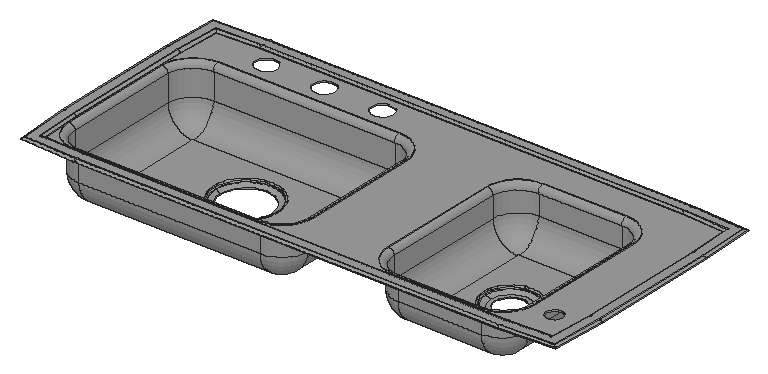
Revit family "equip-sink-clsrm-elkay-dbl-lustrtne-r", category Plumbing Fixtures, Revit 2019
Family settings
  Round Connector Dimension = Use Radius
  Part Type = Normal
  OmniClass Number = 23.45.05.14.14.27
  OmniClass Title = Service Sinks
  Work Plane-Based = Yes
  Always vertical = Yes
  Cut with Voids When Loaded = No
  Shared = No
  Room Calculation Point = No
Parameters (values of type "DRKAD371740R")
  URL = "www.elkayusa.com"
  Specification Sheet URL = "http://www.elkayusa.com/cps/rde/xbcr/elkay/01-22G_DRKR(Q)3717_DRKAD(Q)3717.pdf"
  Sink Width = 1' - 5"
  Sink Material = Metal - Steel - Stainless - Chrome
  Sink Length = 3' - 1 1/4"
  Sink Ledge Sides Width = 0' - 4"
  Sink Ledge Right Width Hidden = if(Sink Ledge Right Width > 0' 1 1/2", Sink Ledge Right Width, 0' 1 1/2")  # 0' - 4 1/2"
  Sink Ledge Right Width = if(Right Faucet   Left Bubbler, 0' 1 1/2", 0' 4 1/2")  # 0' - 4 1/2"
  Sink Ledge Left Width Hidden = if(Sink Ledge Left Width > 0' 1 1/2", Sink Ledge Left Width, 0' 1 1/2")  # 0' - 1 1/2"
  Sink Ledge Left Width = if(Left Faucet   Right Bubbler, 0' 1 1/2", 0' 4 1/2")  # 0' - 1 1/2"
  Sink Ledge Front Width Hidden = if(Sink Ledge Front Width > 0' 1 1/2", Sink Ledge Front Width, 0' 1 1/2")  # 0' - 1 1/2"
  Sink Ledge Front Width = 0' - 1 1/2"
  Sink Ledge Back Width Left Hidden = if(Left Bowl Ledge Back Width > 0' 1 1/2", Left Bowl Ledge Back Width, 0' 1 1/2")  # 0' - 4"
  Sink Ledge Back Width Right Hidden = if(Right Bowl Ledge Back Width > 0' 1 1/2", Right Bowl Ledge Back Width, 0' 1 1/2")  # 0' - 3 1/2"
  Right Bowl Ledge Back Width = 0' - 3 1/2"
  Right Faucet   Left Bubbler = no
  Right Faucet Hole Top = if(Right Faucet   Left Bubbler, 0' 0 1/2", 0' 0 1/8")  # 0' - 0 1/8"
  Right Bowl Depth = 0' - 3 5/8"
  Left Faucet Hole Top = if(Left Faucet   Right Bubbler, 0' 0 1/2", 0' 0 1/8")  # 0' - 0 1/2"
  Left Edge to CL Partition = if(Right Faucet   Left Bubbler, 1' 4 3/4", (0' 1 1/2" + 1' 4" + (Partition Width / 2)))  # 1' - 8 1/2"
  Left Bowl Width = (Sink Width - Sink Ledge Front Width - Left Bowl Ledge Back Width)  # 0' - 11 1/2"
  Left Bowl Drain Location = 0' - 5"
  Left Bowl Depth = 0' - 4"
  Equal Sized Bowl Formula = ((Sink Length - Sink Ledge Left Width - Sink Ledge Right Width - Partition Width) / 2)  # 1' - 0 5/8"
  Sanitary Flow Rate = 10 GPM
  Partition Width = 0' - 6"
  OmniClass Title = "Service Sinks"
  OmniClass Code = "23.45.05.14.14.27"
  Sanitary Nominal Radius = Sanitary Nominal Dia / 2  # 0' - 0 3/4"
  Sanitary Nominal Dia = 0' - 1 1/2"
  Model = "DRKAD3717R"
  Minimum Cabinet Width = ""
  MasterFormat Title = "Commercial Sinks"
  MasterFormat Number = "22.42.16.16"
  Manufacturer = "Elkay Manufacturing"
  Left Faucet   Right Bubbler = not(Right Faucet   Left Bubbler)  # yes
  Installation Sheet URL = ""
  Right Bowl Drain Location = 0' - 6"
  Description = "Lustertone Double Bowl Sink"
  Default Elevation = 3' - 0"
  Deep Specification Sheet URL = ""
  Date Created = "2011-05-05"
  Left Bowl Length = (Sink Length - Right Bowl Length - Sink Ledge Left Width - Partition Width - Sink Ledge Right Width)  # 1' - 4"
  Right Bowl Length = ((Sink Length - Left Edge to CL Partition - Sink Ledge Right Width) - (Partition Width / 2))  # 0' - 9 1/4"
  Right Bowl Width = (Sink Width - Sink Ledge Front Width - Right Bowl Ledge Back Width)  # 1' - 0"
  Left Bowl Ledge Back Width = 0' - 4"
  Assembly Code = "D2010410"
Types (2): name | Left Bowl Drain Location | Left Bowl Depth | Model | Default Elevation | Date Created
  DRKR3717R | 0' - 5 3/4" | 0' - 7 5/8" | "DRKR3717R" | 4' - 0" | "2011-04-23"
  DRKAD371740R | 0' - 5" | 0' - 4" | "DRKAD3717R" | 3' - 0" | "2011-05-05"
Reference planes (in)
  plane 1 "CL Sink Hole": y = -1
  plane 2 "Sink Deck": z = 0
  plane 3 "Center (Left/Right)": x = 0
  plane 4 "Basin Edge Left": x = -17.125
  plane 5 "Basin Edge Right": x = 14.125
  plane 6 "Back Right Bowl Edge": y = 5
  plane 7 "Basin Edge Front": y = -7
  plane 8 "Left": x = -18.625
  plane 9 "Right": x = 18.625
  plane 10 "Back": y = 8.5
  plane 11 "Front": y = -8.5
  plane 12 "Sink Angle Back Corner": y = 8.3125
  plane 13 "Sink Angle Right Corner": x = 18.4375
  plane 14 "Sink Angle Right": x = 14.625
  plane 15 "Sink Angle Back": y = 4.5
  plane 16 "Sink Angle Left": x = -14.625
  plane 17 "Sink Angle Left Corner": x = -18.4375
  plane 18 "Sink Angle Front Corner": y = -8.3125
  plane 19 "Sink Angle Front": y = -4.5
  plane 20 "Edge Opening Right": x = 14.546875
  plane 21 "Edge Opening Left": x = -17.546875
  plane 22 "Sink Bowl Bottom (Top Face)": z = -3.8797681
  plane 23 "Sink Top Piece Bottom Face": z = -0.0625
  plane 24 "Left Sink Bottom Piece Right Edge": x = -2.8125
  plane 25 "Top Radius Corner Prot": z = -0.421875
  plane 26: z = -2.1922681
  plane 27 "Sink Bowl Bottom (Bottom Face)": z = -3.9422681
  plane 28 "Left Sink Bottom Piece Left Edge": x = -15.4375
  plane 29 "Sink Bottom Piece Right Edge": x = 12.4375
  plane 30 "Sink Bottom Piece Back Edge": y = 3.3125
  plane 31 "Sink Bottom Piece Front Edge": y = -5.3125
  plane 32 "Center (Front/Back)": y = 0
  plane 33 "CL PARTITION": x = 1.875
  plane 34 "LEFT BOWL RIGHT EDGE": x = -1.125
  plane 35 "RIGHT BOWL LEFT EDGE": x = 4.875
  plane 36 "Sink Bottom Piece Left Edge": x = 6.5625
  plane 37 "Left Bowl CL Drain": x = -9.125
  plane 38 "Right Bowl CL Drain": x = 9.5
  plane 39 "Left Sink Top Right Radius Out Edge": x = -0.703125
  plane 40 "Edge Opening Front": y = -7.421875
  plane 41 "Right Sink Right Edge Radius": x = 12.375
  plane 42 "Front Edge Bottom Edge Radius": y = -5.25
  plane 43 "Right Sink Left Bottom Edge Radius": x = 6.625
  plane 44 "Back Edge Bottom Edge Radius": y = 3.25
  plane 45 "Middle Right Edge": x = 4.453125
  plane 46 "Back Right Edge Opening": y = 5.421875
  plane 47 "Left Bowl Right Edge Bottom Radius": x = -2.875
  plane 48 "Left Bowl Bottom Edge Radius": x = -15.375
  plane 49 "Masking Region": z = 1.2515695
  plane 50 "Sink Drain Elev Bottom": z = -5.3797681
  plane 51 "Sink Drain Elev Top": z = -5.1297681
  plane 52 "Sink Angle Right Inside Corner": x = 17.6175507
  plane 53 "Sink Angle Back Inside Corner": y = 7.4925507
  plane 54 "Sink Angle Front Inside Corner": y = -7.4925507
  plane 55 "Sink Angle Left Inside Corner": x = -17.6175507
  plane 56 "Sink Angle Right Inside Offset Corner": x = 17.4761143
  plane 57 "Sink Angle Back Inside Offset Corner": y = 7.3511143
  plane 58 "Sink Angle Front Inside Offset Corner": y = -7.3511143
  plane 59 "Sink Angle Inside OFfset Corner": x = -17.4761143
  plane 60 "Right Bowl Bottom Top Face": z = -3.5047681
  plane 61 "Right Bowl Bottom Bottom Face": z = -3.5672681
  plane 62 "Right Bowl Bottom Top of Radius": z = -1.8172681
  plane 63 "Right Sink Drain Elev Bottom": z = -5.0047681
  plane 64 "Right Sink Drain Top Elev": z = -4.7547681
  plane 65 "Faucet Hole Bottom": z = -0.25
  plane 66 "Left Faucet Hole Top": z = 0.25
  plane 67 "Faucet Hole CL Front/Back": y = 6.25
  plane 68 "Left Faucet Hole 1": x = -13.125
  plane 69 "Left Faucet Hole 2": x = -9.125
  plane 70 "Left Faucet Hole 3": x = -5.125
  plane 71 "Right Faucet Hole Top": z = -0.125
  plane 72 "Right Faucet Hole 1": x = 5.5
  plane 73 "Right Faucet Hole 2": x = 9.5
  plane 74 "Right Faucet Hole 3": x = 13.5
  plane 75 "Left  Bubbler CL Left/Right": x = -16.125
  plane 76 "Right Bubbler CL Left/Right": x = 16.125
  plane 77 "Bubbler Front CL": y = -5.5
  plane 78 "Back Left Edge Bottom Edge Radius": y = 2.75
  plane 79 "Back Left Bowl Edge": y = 4.5
  plane 80 "Left Bowl Bottom Piece Back Edge": y = 2.8125
  plane 81 "Back Left Edge Opening": y = 4.921875
  plane 82 "Left Bowl Drain Location": y = -0.5
  plane 83 "Top of Rim": z = 0.1202319
  plane 84 "Right Bowl Bottom of CSK Top Face": z = -3.795875
Forms (in)
  Extrusion 1, solid, material "Metal - Steel - Stainless - Chrome" <- "Sink Material"
    sketch origin (0, 0, 0) x (1, 0, 0) y (0, 1, 0)
      loop
        arc (-0.703125, 2.75) -> (-1.3392525, 4.2857475) -> (-2.875, 4.921875) r 2.171875
        line (-2.875, 4.921875) -> (-15.375, 4.921875)
        arc (-15.375, 4.921875) -> (-16.9107475, 4.2857475) -> (-17.546875, 2.75) r 2.171875
        line (-17.546875, 2.75) -> (-17.546875, -5.25)
        arc (-17.546875, -5.25) -> (-16.9107475, -6.7857475) -> (-15.375, -7.421875) r 2.171875
        line (-15.375, -7.421875) -> (-2.875, -7.421875)
        arc (-2.875, -7.421875) -> (-1.3392525, -6.7857475) -> (-0.703125, -5.25) r 2.171875
        line (-0.703125, -5.25) -> (-0.703125, 2.75)
      loop
        line (6.625, -7.421875) -> (12.375, -7.421875)
        arc (12.375, -7.421875) -> (13.9107475, -6.7857475) -> (14.546875, -5.25) r 2.171875
        line (14.546875, -5.25) -> (14.546875, 3.25)
        arc (14.546875, 3.25) -> (13.9107475, 4.7857475) -> (12.375, 5.421875) r 2.171875
        line (12.375, 5.421875) -> (6.625, 5.421875)
        arc (6.625, 5.421875) -> (5.0892525, 4.7857475) -> (4.453125, 3.25) r 2.171875
        line (4.453125, 3.25) -> (4.453125, -5.25)
        arc (4.453125, -5.25) -> (5.0892525, -6.7857475) -> (6.625, -7.421875) r 2.171875
      loop
        line (-14.625, 7.4925507) -> (-17.4761143, 7.3511143) -> (-17.6175507, 4.5) -> (-17.6175507, -4.5) -> (-17.4761143, -7.3511143) -> (-14.625, -7.4925507) -> (14.625, -7.4925507) -> (17.4761143, -7.3511143) -> (17.6175507, -4.5) -> (17.6175507, 4.5) -> (17.4761143, 7.3511143) -> (14.625, 7.4925507) -> (-14.625, 7.4925507)
    from -0.0625 to 0
  Extrusion 2, solid, material "Metal - Steel - Stainless - Chrome" <- "Sink Material"
    sketch origin (0, 0, 0) x (1, 0, 0) y (0, 1, 0)
      loop
        arc (-15.4375, -5.25) -> (-15.4191942, -5.2941942) -> (-15.375, -5.3125) r 0.0625
        line (-15.375, -5.3125) -> (-2.875, -5.3125)
        arc (-2.875, -5.3125) -> (-2.8308058, -5.2941942) -> (-2.8125, -5.25) r 0.0625
        line (-2.8125, -5.25) -> (-2.8125, 2.75)
        arc (-2.8125, 2.75) -> (-2.8308058, 2.7941942) -> (-2.875, 2.8125) r 0.0625
        line (-2.875, 2.8125) -> (-15.375, 2.8125)
        arc (-15.375, 2.8125) -> (-15.4191942, 2.7941942) -> (-15.4375, 2.75) r 0.0625
        line (-15.4375, 2.75) -> (-15.4375, -5.25)
      loop
        circle (-9.125, -0.5) r 2.25
    from -3.9422681 to -3.8797681
  Sweep 3, solid, material "Metal - Steel - Stainless - Chrome" <- "Sink Material"
    path origin (-14.75, 0, -3.8797681) x (-1, 0, 0) y (0, -1, 0)
      loop
        circle (-5.625, 0.5) r 2.25
    profile "profile-elkay-sink-d4-csk : profile-elkay-sink-d4-csk" origin (-9.125, -2.75, -3.8797681) x (0, 1, 0) y (0, 0, 1)
      loop
        line (0.5, -0.2911069) -> (0.1564602, -0.1343744)
        arc (0.1564602, -0.1343744) -> (0.1424945, -0.125589) -> (0.1313144, -0.1134552) r 0.0625
        line (0.1313144, -0.1134552) -> (0.0881719, -0.0522605)
        arc (0.0881719, -0.0522605) -> (0.0506391, -0.015074) -> (0, 0) r 0.1086
        line (0, 0) -> (0, -0.0461763)
        arc (0, -0.0461763) -> (0.0262058, -0.0541921) -> (0.0464633, -0.0726483) r 0.0625
        line (0.0464633, -0.0726483) -> (0.093406, -0.1396891)
        arc (0.093406, -0.1396891) -> (0.1129384, -0.1609677) -> (0.1373891, -0.1763448) r 0.1086
        line (0.1373891, -0.1763448) -> (0.5, -0.3417784) -> (0.5, -0.2911069)
  Extrusion 4, solid, material "Metal - Steel - Stainless - Chrome" <- "Sink Material"
    sketch origin (0, 0, 0) x (1, 0, 0) y (0, 1, 0)
      loop
        arc (6.625, 3.3125) -> (6.5808058, 3.2941942) -> (6.5625, 3.25) r 0.0625
        line (6.5625, 3.25) -> (6.5625, -5.25)
        arc (6.5625, -5.25) -> (6.5808058, -5.2941942) -> (6.625, -5.3125) r 0.0625
        line (6.625, -5.3125) -> (12.375, -5.3125)
        arc (12.375, -5.3125) -> (12.4191942, -5.2941942) -> (12.4375, -5.25) r 0.0625
        line (12.4375, -5.25) -> (12.4375, 3.25)
        arc (12.4375, 3.25) -> (12.4191942, 3.2941942) -> (12.375, 3.3125) r 0.0625
        line (12.375, 3.3125) -> (6.625, 3.3125)
      loop
        circle (9.5, -1) r 1.875
    from -3.5672681 to -3.5047681
  Sweep 5, solid, material "Metal - Steel - Stainless - Chrome" <- "Sink Material"
    path origin (0, 0, -3.5047681) x (-1, 0, 0) y (0, -1, 0)
      loop
        circle (-9.5, 1) r 1.875
    profile "profile-elkay-sink-d36-csk : profile-elkay-sink-d36-csk" origin (9.5, -2.875, -3.5047681) x (0, 1, 0) y (0, 0, 1)
      loop
        line (0.5, -0.2911069) -> (0.1564602, -0.1343744)
        arc (0.1564602, -0.1343744) -> (0.1424945, -0.125589) -> (0.1313144, -0.1134552) r 0.0625
        line (0.1313144, -0.1134552) -> (0.0881719, -0.0522605)
        arc (0.0881719, -0.0522605) -> (0.0506391, -0.015074) -> (0, 0) r 0.1086
        line (0, 0) -> (0, -0.0461763)
        arc (0, -0.0461763) -> (0.0262058, -0.0541921) -> (0.0464633, -0.0726483) r 0.0625
        line (0.0464633, -0.0726483) -> (0.093406, -0.1396891)
        arc (0.093406, -0.1396891) -> (0.1129384, -0.1609677) -> (0.1373891, -0.1763448) r 0.1086
        line (0.1373891, -0.1763448) -> (0.4916786, -0.3379819) -> (0.8007812, -0.3379819) -> (0.8007812, -0.2911069) -> (0.5, -0.2911069)
  Sweep 6, solid, material "Metal - Steel - Stainless - Chrome" <- "Sink Material"
    path origin (0, 0, 0) x (1, 0, 0) y (0, 1, 0)
      loop
        line (6.625, -7) -> (12.375, -7)
        arc (12.375, -7) -> (13.6124369, -6.4874369) -> (14.125, -5.25) r 1.75
        line (14.125, -5.25) -> (14.125, 3.25)
        arc (14.125, 3.25) -> (13.6124369, 4.4874369) -> (12.375, 5) r 1.75
        line (12.375, 5) -> (6.625, 5)
        arc (6.625, 5) -> (5.3875631, 4.4874369) -> (4.875, 3.25) r 1.75
        line (4.875, 3.25) -> (4.875, -5.25)
        arc (4.875, -5.25) -> (5.3875631, -6.4874369) -> (6.625, -7) r 1.75
    profile origin (9.5, -7, 0) x (0, 1, 0) y (0, 0, 1)
      loop
        arc (0, -0.421875) -> (-0.1235643, -0.1235643) -> (-0.421875, 0) r 0.421875
        line (-0.421875, 0) -> (-0.421875, -0.0625)
        arc (-0.421875, -0.0625) -> (-0.1677585, -0.1677585) -> (-0.0625, -0.421875) r 0.359375
        line (-0.0625, -0.421875) -> (-0.0625, -1.8172681)
        arc (-0.0625, -1.8172681) -> (0.4500631, -3.054705) -> (1.6875, -3.5672681) r 1.75
        line (1.6875, -3.5672681) -> (1.6875, -3.5047681)
        arc (1.6875, -3.5047681) -> (0.4942573, -3.0105108) -> (0, -1.8172681) r 1.6875
        line (0, -1.8172681) -> (0, -0.421875)
  Sweep 7, solid, material "Metal - Steel - Stainless - Chrome" <- "Sink Material"
    path origin (0, 0, 0) x (1, 0, 0) y (0, 1, 0)
      loop
        line (-15.375, -7) -> (-2.875, -7)
        arc (-2.875, -7) -> (-1.6375631, -6.4874369) -> (-1.125, -5.25) r 1.75
        line (-1.125, -5.25) -> (-1.125, 2.75)
        arc (-1.125, 2.75) -> (-1.6375631, 3.9874369) -> (-2.875, 4.5) r 1.75
        line (-2.875, 4.5) -> (-15.375, 4.5)
        arc (-15.375, 4.5) -> (-16.6124369, 3.9874369) -> (-17.125, 2.75) r 1.75
        line (-17.125, 2.75) -> (-17.125, -5.25)
        arc (-17.125, -5.25) -> (-16.6124369, -6.4874369) -> (-15.375, -7) r 1.75
    profile origin (-9.125, -7, 0) x (0, 1, 0) y (0, 0, 1)
      loop
        arc (0, -0.421875) -> (-0.1235643, -0.1235643) -> (-0.421875, 0) r 0.421875
        line (-0.421875, 0) -> (-0.421875, -0.0625)
        arc (-0.421875, -0.0625) -> (-0.1677585, -0.1677585) -> (-0.0625, -0.421875) r 0.359375
        line (-0.0625, -0.421875) -> (-0.0625, -2.1922681)
        arc (-0.0625, -2.1922681) -> (0.4500631, -3.429705) -> (1.6875, -3.9422681) r 1.75
        line (1.6875, -3.9422681) -> (1.6875, -3.8797681)
        arc (1.6875, -3.8797681) -> (0.4942573, -3.3855108) -> (0, -2.1922681) r 1.6875
        line (0, -2.1922681) -> (0, -0.421875)
  Extrusion 8, solid, material "Glass", not visible
    sketch origin (0, 0, -5.1297681) x (0, -1, 0) y (1, 0, 0)
      loop
        circle (0.5, -9.125) r 0.75
    from 0 to -0.25
  Extrusion 9, solid, material "Glass", not visible
    sketch origin (0, 0, -5.1297681) x (0, -1, 0) y (1, 0, 0)
      loop
        circle (1, 9.5) r 0.75
    from 0.125 to 0.375
  Sweep 10, solid, material "Metal - Steel - Stainless - Chrome" <- "Sink Material"
    path origin (0, 0, 0) x (1, 0, 0) y (0, 1, 0)
      loop
        line (-14.625, -8.5) -> (14.625, -8.5) -> (18.4375, -8.3125) -> (18.625, -4.5) -> (18.625, 4.5) -> (18.4375, 8.3125) -> (14.625, 8.5) -> (-14.625, 8.5) -> (-18.4375, 8.3125) -> (-18.625, 4.5) -> (-18.625, -4.5) -> (-18.4375, -8.3125) -> (-14.625, -8.5)
    profile "profile-elkay-sink-rim-9 : profile-elkay-sink-rim-9" origin (0, -8.5, 0) x (0, 1, 0) y (0, 0, 1)
      loop
        line (0, 0.0163327) -> (0, -0.0360681) -> (0.2039181, 0.0741316) -> (0.8052651, 0.0741316) -> (1.0074493, -0.0546586) -> (1.0074493, 0) -> (0.841093, 0.1059673)
        arc (0.841093, 0.1059673) -> (0.8176388, 0.1165931) -> (0.7921483, 0.1202319) r 0.091102
        line (0.7921483, 0.1202319) -> (0.2153023, 0.1202319)
        arc (0.2153023, 0.1202319) -> (0.1929626, 0.1174506) -> (0.1719868, 0.1092765) r 0.0911081
        line (0.1719868, 0.1092765) -> (0, 0.0163327)
  Extrusion 11, void
    sketch origin (0, 0, 0) x (1, 0, 0) y (0, 1, 0)
      loop
        circle (-13.125, 6.25) r 0.75
    from -0.25 to 0.25
  Extrusion 12, void
    sketch origin (0, 0, 0) x (1, 0, 0) y (0, 1, 0)
      loop
        circle (-9.125, 6.25) r 0.75
    from -0.25 to 0.25
  Extrusion 13, void
    sketch origin (0, 0, 0) x (1, 0, 0) y (0, 1, 0)
      loop
        circle (-5.125, 6.25) r 0.75
    from -0.25 to 0.25
  Extrusion 14, void
    sketch origin (0, 0, 0) x (1, 0, 0) y (0, 1, 0)
      loop
        circle (5.5, 6.25) r 0.75
    from -0.25 to -0.125
  Extrusion 15, void
    sketch origin (0, 0, 0) x (1, 0, 0) y (0, 1, 0)
      loop
        circle (9.5, 6.25) r 0.75
    from -0.25 to -0.125
  Extrusion 16, void
    sketch origin (0, 0, 0) x (1, 0, 0) y (0, 1, 0)
      loop
        circle (13.5, 6.25) r 0.75
    from -0.25 to -0.125
  Extrusion 17, void
    sketch origin (0, 0, 0) x (1, 0, 0) y (0, 1, 0)
      loop
        circle (-16.125, -5.5) r 0.5625
    from -0.25 to -0.125
  Extrusion 18, void
    sketch origin (0, 0, 0) x (1, 0, 0) y (0, 1, 0)
      loop
        circle (16.125, -5.5) r 0.5625
    from -0.25 to 0.25
Cuts and joins
  joined: Extrusion 4, Sweep 5, Sweep 6
  Extrusion 11, Extrusion 12, Extrusion 13, Extrusion 14, Extrusion 15, Extrusion 16, Extrusion 17, Extrusion 18 cuts Extrusion 1
  joined: Extrusion 2, Sweep 3, Sweep 7
Lines and regions (in)
  Masking region 1
    outline origin (0, 0, 1.2515695) x (-1, 0, 0) y (0, -1, 0)
      loop
        line (14.625, -8.5) -> (18.4375, -8.3125) -> (18.625, -4.5) -> (18.625, 4.5) -> (18.4375, 8.3125) -> (14.625, 8.5) -> (-14.625, 8.5) -> (-18.4375, 8.3125) -> (-18.625, 4.5) -> (-18.625, -4.5) -> (-18.4375, -8.3125) -> (-14.625, -8.5) -> (14.625, -8.5)
  reference lines, not visible
    curve 1: line (14.625, 8.5, 0) -> (18.4375, 8.3125, 0)
    curve 2: line (18.4375, 8.3125, 0) -> (18.625, 4.5, 0)
    curve 3: line (-14.625, 8.5, 0) -> (-18.4375, 8.3125, 0)
    curve 4: line (-18.4375, 8.3125, 0) -> (-18.625, 4.5, 0)
    curve 5: line (-18.625, -4.5, 0) -> (-18.4375, -8.3125, 0)
    curve 6: line (-18.4375, -8.3125, 0) -> (-14.625, -8.5, 0)
    curve 7: line (18.625, -4.5, 0) -> (18.4375, -8.3125, 0)
    curve 8: line (18.4375, -8.3125, 0) -> (14.625, -8.5, 0)
    curve 9: arc (-1.125, -1, -2.1922681) -> (-1.6192573, -1, -3.3855108) -> (-2.8125, -1, -3.8797681) r 1.6875
    curve 10: arc (-17.125, -1, -2.1922681) -> (-16.6307427, -1, -3.3855108) -> (-15.4375, -1, -3.8797681) r 1.6875
    curve 11: arc (-1.125, -1, -0.421875) -> (-1.0014357, -1, -0.1235643) -> (-0.703125, -1, 0) r 0.421875
    curve 12: arc (0, -5.3125, -3.8797681) -> (0, -6.5057427, -3.3855108) -> (0, -7, -2.1922681) r 1.6875
    curve 13: arc (0, -7, -0.421875) -> (0, -7.1235643, -0.1235643) -> (0, -7.421875, 0) r 0.421875
    curve 14: arc (12.4375, 3.25, 0) -> (12.4191942, 3.2941942, 0) -> (12.375, 3.3125, 0) r 0.0625
    curve 15: arc (6.5625, 3.25, 0) -> (6.5808058, 3.2941942, 0) -> (6.625, 3.3125, 0) r 0.0625
    curve 16: arc (6.625, -5.3125, 0) -> (6.5808058, -5.2941942, 0) -> (6.5625, -5.25, 0) r 0.0625
    curve 17: arc (12.4375, -5.25, 0) -> (12.4191942, -5.2941942, 0) -> (12.375, -5.3125, 0) r 0.0625
    curve 18: arc (6.625, 5, 0) -> (5.3875631, 4.4874369, 0) -> (4.875, 3.25, 0) r 1.75
    curve 19: arc (14.125, 3.25, 0) -> (13.6124369, 4.4874369, 0) -> (12.375, 5, 0) r 1.75
    curve 20: arc (14.125, -5.25, 0) -> (13.6124369, -6.4874369, 0) -> (12.375, -7, 0) r 1.75
    curve 21: arc (6.625, -7, 0) -> (5.3875631, -6.4874369, 0) -> (4.875, -5.25, 0) r 1.75
    curve 23: arc (4.453125, 3.25, 0) -> (5.0892525, 4.7857475, 0) -> (6.625, 5.421875, 0) r 2.171875
    curve 24: arc (4.453125, -5.25, 0) -> (5.0892525, -6.7857475, 0) -> (6.625, -7.421875, 0) r 2.171875
    curve 25: arc (-2.8125, -5.25, 0) -> (-2.8308058, -5.2941942, 0) -> (-2.875, -5.3125, 0) r 0.0625
    curve 26: arc (-0.703125, -5.25, 0) -> (-1.3392525, -6.7857475, 0) -> (-2.875, -7.421875, 0) r 2.171875
    curve 28: arc (-15.375, -5.3125, 0) -> (-15.4191942, -5.2941942, 0) -> (-15.4375, -5.25, 0) r 0.0625
    curve 30: arc (-17.125, -5.25, 0) -> (-16.6124369, -6.4874369, 0) -> (-15.375, -7, 0) r 1.75
    curve 31: arc (-1.125, -5.25, 0) -> (-1.6375631, -6.4874369, 0) -> (-2.875, -7, 0) r 1.75
    curve 43: circle (9.5, -1, 0) r 1.09375 normal (0, 0, 1)
    curve 44: circle (9.5, -1, 0) r 1.875 normal (0, 0, 1)
    curve 47: circle (9.5, -1, -5.0047681) r 0.75 normal (0, 0, 1)
    curve 57: arc (-2.8125, 2.75, 0) -> (-2.8308058, 2.7941942, 0) -> (-2.875, 2.8125, 0) r 0.0625
    curve 58: arc (-15.4375, 2.75, 0) -> (-15.4191942, 2.7941942, 0) -> (-15.375, 2.8125, 0) r 0.0625
    curve 59: arc (-17.125, 2.75, 0) -> (-16.6124369, 3.9874369, 0) -> (-15.375, 4.5, 0) r 1.75
    curve 60: arc (-17.546875, 2.75, 0) -> (-16.9107475, 4.2857475, 0) -> (-15.375, 4.921875, 0) r 2.171875
    curve 61: arc (-1.125, 2.75, 0) -> (-1.6375631, 3.9874369, 0) -> (-2.875, 4.5, 0) r 1.75
    curve 62: arc (-0.703125, 2.75, 0) -> (-1.3392525, 4.2857475, 0) -> (-2.875, 4.921875, 0) r 2.171875
  reference lines
    curve 22: arc (14.546875, 3.25, 0) -> (13.9107475, 4.7857475, 0) -> (12.375, 5.421875, 0) r 2.171875
    curve 27: arc (-15.375, -7.421875, 0) -> (-16.9107475, -6.7857475, 0) -> (-17.546875, -5.25, 0) r 2.171875
    curve 29: arc (14.546875, -5.25, 0) -> (13.9107475, -6.7857475, 0) -> (12.375, -7.421875, 0) r 2.171875
    curve 48: line (17.6175507, -4.5, 0) -> (17.4761143, -7.3511143, 0)
    curve 49: line (14.625, -7.4925507, 0) -> (17.4761143, -7.3511143, 0)
    curve 50: line (-17.6175507, -4.5, 0) -> (-17.4761143, -7.3511143, 0)
    curve 51: line (17.6175507, 4.5, 0) -> (17.4761143, 7.3511143, 0)
    curve 52: line (17.4761143, 7.3511143, 0) -> (14.625, 7.4925507, 0)
    curve 53: line (-14.625, 7.4925507, 0) -> (-17.4761143, 7.3511143, 0)
    curve 54: line (-17.4761143, 7.3511143, 0) -> (-17.6175507, 4.5, 0)
    curve 55: line (-14.625, -7.4925507, 0) -> (-17.4761143, -7.3511143, 0)
    curve 56: arc (0, -5.3125, -3.5047681) -> (0, -6.5057427, -3.0105108) -> (0, -7, -1.8172681) r 1.6875
    curve 66: circle (-9.125, -0.5, -5.1297681) r 0.75 normal (0, 0, 1)
    curve 67: circle (-9.125, -0.5, 0) r 2.25 normal (0, 0, 1)
    curve 68: circle (-9.125, -0.5, 0) r 1.75 normal (0, 0, 1)
    curve 81: circle (9.5, -1, 0) r 1.375 normal (0, 0, 1)
  symbolic lines, style "Sinks"
    curve 32: line (4.875, 3.25, 1.2515695) -> (4.875, -5.25, 1.2515695)
    curve 33: line (14.125, 3.25, 1.2515695) -> (14.125, -5.25, 1.2515695)
    curve 34: line (-15.375, -7, 1.2515695) -> (-2.875, -7, 1.2515695)
    curve 35: arc (-17.125, -5.25, 1.2515695) -> (-16.6124369, -6.4874369, 1.2515695) -> (-15.375, -7, 1.2515695) r 1.75
    curve 36: arc (-1.125, -5.25, 1.2515695) -> (-1.6375631, -6.4874369, 1.2515695) -> (-2.875, -7, 1.2515695) r 1.75
    curve 37: arc (6.625, -7, 1.2515695) -> (5.3875631, -6.4874369, 1.2515695) -> (4.875, -5.25, 1.2515695) r 1.75
    curve 38: arc (14.125, -5.25, 1.2515695) -> (13.6124369, -6.4874369, 1.2515695) -> (12.375, -7, 1.2515695) r 1.75
    curve 39: arc (14.125, 3.25, 1.2515695) -> (13.6124369, 4.4874369, 1.2515695) -> (12.375, 5, 1.2515695) r 1.75
    curve 40: arc (6.625, 5, 1.2515695) -> (5.3875631, 4.4874369, 1.2515695) -> (4.875, 3.25, 1.2515695) r 1.75
    curve 41: line (6.625, 5, 1.2515695) -> (12.375, 5, 1.2515695)
    curve 42: line (6.625, -7, 1.2515695) -> (12.375, -7, 1.2515695)
    curve 45: circle (9.5, -1, 1.2515695) r 1.09375 normal (0, 0, 1)
    curve 46: circle (9.5, -1, 1.2515695) r 1.875 normal (0, 0, 1)
    curve 63: line (-15.375, 4.5, 1.2515695) -> (-2.875, 4.5, 1.2515695)
    curve 64: arc (-1.125, 2.75, 1.2515695) -> (-1.6375631, 3.9874369, 1.2515695) -> (-2.875, 4.5, 1.2515695) r 1.75
    curve 65: arc (-17.125, 2.75, 1.2515695) -> (-16.6124369, 3.9874369, 1.2515695) -> (-15.375, 4.5, 1.2515695) r 1.75
    curve 69: circle (-9.125, -0.5, 1.2515695) r 1.75 normal (0, 0, 1)
    curve 70: circle (-9.125, -0.5, 1.2515695) r 2.25 normal (0, 0, 1)
    curve 71: line (-17.125, 2.75, 1.2515695) -> (-17.125, -5.25, 1.2515695)
    curve 72: line (-1.125, 2.75, 1.2515695) -> (-1.125, -5.25, 1.2515695)
    curve 82: circle (9.5, -1, 0) r 1.375 normal (0, 0, 1)
    curve 83: line (-14.625, 7.4925507, 1.2515695) -> (14.625, 7.4925507, 1.2515695)
    curve 84: line (-17.6175507, -4.5, 1.2515695) -> (-17.6175507, 4.5, 1.2515695)
    curve 85: line (14.625, -7.4925507, 1.2515695) -> (-14.625, -7.4925507, 1.2515695)
    curve 86: line (17.6175507, 4.5, 1.2515695) -> (17.6175507, -4.5, 1.2515695)
    curve 87: line (-14.625, 7.4925507, 1.2515695) -> (-17.4761143, 7.3511143, 1.2515695)
    curve 88: line (-17.4761143, 7.3511143, 1.2515695) -> (-17.6175507, 4.5, 1.2515695)
    curve 89: line (-14.625, -7.4925507, 1.2515695) -> (-17.4761143, -7.3511143, 1.2515695)
    curve 90: line (-17.6175507, -4.5, 1.2515695) -> (-17.4761143, -7.3511143, 1.2515695)
    curve 91: line (17.6175507, -4.5, 1.2515695) -> (17.4761143, -7.3511143, 1.2515695)
    curve 92: line (14.625, -7.4925507, 1.2515695) -> (17.4761143, -7.3511143, 1.2515695)
    curve 93: line (17.4761143, 7.3511143, 1.2515695) -> (14.625, 7.4925507, 1.2515695)
    curve 94: line (17.6175507, 4.5, 1.2515695) -> (17.4761143, 7.3511143, 1.2515695)
  symbolic lines, style "Sinks", visible <- "Right Faucet   Left Bubbler"
    curve 73: circle (13.5, 6.25, 0) r 0.75 normal (0, 0, 1)
    curve 74: circle (5.5, 6.25, 0) r 0.75 normal (0, 0, 1)
    curve 77: circle (-16.125, -5.5, 0) r 0.5625 normal (0, 0, 1)
    curve 80: circle (9.5, 6.25, 0) r 0.75 normal (0, 0, 1)
  symbolic lines, style "Sinks", visible <- "Left Faucet   Right Bubbler"
    curve 75: circle (-13.125, 6.25, 0) r 0.75 normal (0, 0, 1)
    curve 76: circle (-5.125, 6.25, 0) r 0.75 normal (0, 0, 1)
    curve 78: circle (16.125, -5.5, 0) r 0.5625 normal (0, 0, 1)
    curve 79: circle (-9.125, 6.25, 0) r 0.75 normal (0, 0, 1)
Dimensions and locks (in)
  "Sink Ledge Left Width Hidden": plane 8 "Left" to plane 4 "Basin Edge Left"
  "Sink Ledge Right Width Hidden": plane 5 "Basin Edge Right" to plane 9 "Right"
  "Sink Length": plane 8 "Left" to plane 9 "Right"
  "Right Bowl Drain Location": plane 6 "Back Right Bowl Edge" to plane 1 "CL Sink Hole"
  "Sink Ledge Back Width Right Hidden": plane 10 "Back" to plane 6 "Back Right Bowl Edge"
  "Sink Ledge Front Width Hidden": plane 7 "Basin Edge Front" to plane 11 "Front"
  locked: plane 13 "Sink Angle Right Corner" to plane 9 "Right" at 0.1875
  locked: plane 10 "Back" to plane 12 "Sink Angle Back Corner" at 0.1875
  locked: plane 14 "Sink Angle Right" to plane 9 "Right" at 4
  locked: plane 10 "Back" to plane 15 "Sink Angle Back" at 4
  locked: plane 8 "Left" to plane 17 "Sink Angle Left Corner" at 0.1875
  locked: plane 8 "Left" to plane 16 "Sink Angle Left" at 4
  locked: plane 18 "Sink Angle Front Corner" to plane 11 "Front" at 0.1875
  locked: plane 19 "Sink Angle Front" to plane 11 "Front" at 4
  "Sink Width": plane 10 "Back" to plane 11 "Front"
  locked: plane 21 "Edge Opening Left" to plane 4 "Basin Edge Left" at 0.421875
  locked: plane 31 "Sink Bottom Piece Front Edge" to plane 7 "Basin Edge Front" at 1.6875
  locked: plane 4 "Basin Edge Left" to plane 28 "Left Sink Bottom Piece Left Edge" at 1.6875
  locked: plane 29 "Sink Bottom Piece Right Edge" to plane 5 "Basin Edge Right" at 1.6875
  locked: plane 6 "Back Right Bowl Edge" to plane 30 "Sink Bottom Piece Back Edge" at 1.6875
  locked: plane 5 "Basin Edge Right" to plane 20 "Edge Opening Right" at 0.421875
  equal spacing: plane 10 "Back", plane 32 "Center (Front/Back)", plane 11 "Front"
  locked: plane 24 "Left Sink Bottom Piece Right Edge" to plane 34 "LEFT BOWL RIGHT EDGE" at 1.6875
  locked: plane 35 "RIGHT BOWL LEFT EDGE" to plane 36 "Sink Bottom Piece Left Edge" at 1.6875
  equal spacing: plane 8 "Left", plane 3 "Center (Left/Right)", plane 9 "Right"
  equal spacing: plane 4 "Basin Edge Left", plane 37 "Left Bowl CL Drain", plane 34 "LEFT BOWL RIGHT EDGE"
  equal spacing: plane 35 "RIGHT BOWL LEFT EDGE", plane 38 "Right Bowl CL Drain", plane 5 "Basin Edge Right"
  "Left Edge to CL Partition": plane 8 "Left" to plane 33 "CL PARTITION"
  "Partition Width": plane 34 "LEFT BOWL RIGHT EDGE" to plane 35 "RIGHT BOWL LEFT EDGE"
  equal spacing: plane 34 "LEFT BOWL RIGHT EDGE", plane 33 "CL PARTITION", plane 35 "RIGHT BOWL LEFT EDGE"
  locked: plane 34 "LEFT BOWL RIGHT EDGE" to plane 39 "Left Sink Top Right Radius Out Edge" at 0.421875
  locked: plane 41 "Right Sink Right Edge Radius" to plane 29 "Sink Bottom Piece Right Edge" at 0.0625
  locked: plane 42 "Front Edge Bottom Edge Radius" to plane 31 "Sink Bottom Piece Front Edge" at 0.0625
  locked: plane 36 "Sink Bottom Piece Left Edge" to plane 43 "Right Sink Left Bottom Edge Radius" at 0.0625
  locked: plane 30 "Sink Bottom Piece Back Edge" to plane 44 "Back Edge Bottom Edge Radius" at 0.0625
  locked: plane 45 "Middle Right Edge" to plane 35 "RIGHT BOWL LEFT EDGE" at 0.421875
  locked: plane 46 "Back Right Edge Opening" to plane 6 "Back Right Bowl Edge" at 0.421875
  locked: plane 7 "Basin Edge Front" to plane 40 "Edge Opening Front" at 0.421875
  locked: plane 47 "Left Bowl Right Edge Bottom Radius" to plane 24 "Left Sink Bottom Piece Right Edge" at 0.0625
  locked: plane 28 "Left Sink Bottom Piece Left Edge" to plane 48 "Left Bowl Bottom Edge Radius" at 0.0625
  "Left Bowl Depth": plane 83 "Top of Rim" to plane 22 "Sink Bowl Bottom (Top Face)"
  locked: plane 2 "Sink Deck" to plane 25 "Top Radius Corner Prot" at 0.421875
  locked: plane 2 "Sink Deck" to plane 23 "Sink Top Piece Bottom Face" at 0.0625
  locked: plane 26 to plane 22 "Sink Bowl Bottom (Top Face)" at 1.6875
  locked: plane 22 "Sink Bowl Bottom (Top Face)" to plane 27 "Sink Bowl Bottom (Bottom Face)" at 0.0625
  locked: plane 49 "Masking Region" to plane 2 "Sink Deck" at 1.2515695
  locked: plane 22 "Sink Bowl Bottom (Top Face)" to plane 50 "Sink Drain Elev Bottom" at 1.5
  locked: plane 51 "Sink Drain Elev Top" to plane 50 "Sink Drain Elev Bottom" at 0.25
  locked: plane 52 "Sink Angle Right Inside Corner" to plane 9 "Right" at 1.0074493
  locked: plane 8 "Left" to plane 55 "Sink Angle Left Inside Corner" at 1.0074493
  locked: plane 10 "Back" to plane 53 "Sink Angle Back Inside Corner" at 1.0074493
  locked: plane 54 "Sink Angle Front Inside Corner" to plane 11 "Front" at 1.0074493
  locked: plane 56 "Sink Angle Right Inside Offset Corner" to plane 52 "Sink Angle Right Inside Corner" at 0.1414364
  locked: plane 57 "Sink Angle Back Inside Offset Corner" to plane 53 "Sink Angle Back Inside Corner" at 0.1414364
  locked: plane 54 "Sink Angle Front Inside Corner" to plane 58 "Sink Angle Front Inside Offset Corner" at 0.1414364
  locked: plane 55 "Sink Angle Left Inside Corner" to plane 59 "Sink Angle Inside OFfset Corner" at 0.1414364
  locked: plane 62 "Right Bowl Bottom Top of Radius" to plane 60 "Right Bowl Bottom Top Face" at 1.6875
  locked: plane 60 "Right Bowl Bottom Top Face" to plane 61 "Right Bowl Bottom Bottom Face" at 0.0625
  "Right Bowl Depth": plane 83 "Top of Rim" to plane 60 "Right Bowl Bottom Top Face"
  locked: plane 64 "Right Sink Drain Top Elev" to plane 63 "Right Sink Drain Elev Bottom" at 0.25
  locked: plane 60 "Right Bowl Bottom Top Face" to plane 63 "Right Sink Drain Elev Bottom" at 1.5
  locked: plane 10 "Back" to plane 67 "Faucet Hole CL Front/Back" at 2.25
  locked: plane 68 "Left Faucet Hole 1" to plane 37 "Left Bowl CL Drain" at 4
  locked: plane 68 "Left Faucet Hole 1" to plane 69 "Left Faucet Hole 2" at 4
  locked: plane 68 "Left Faucet Hole 1" to plane 70 "Left Faucet Hole 3" at 8
  locked: plane 2 "Sink Deck" to plane 65 "Faucet Hole Bottom" at 0.25
  "Left Faucet Hole Top": plane 66 "Left Faucet Hole Top" to plane 65 "Faucet Hole Bottom"
  "Right Faucet Hole Top": plane 71 "Right Faucet Hole Top" to plane 65 "Faucet Hole Bottom"
  locked: plane 72 "Right Faucet Hole 1" to plane 38 "Right Bowl CL Drain" at 4
  locked: plane 72 "Right Faucet Hole 1" to plane 73 "Right Faucet Hole 2" at 4
  locked: plane 72 "Right Faucet Hole 1" to plane 74 "Right Faucet Hole 3" at 8
  locked: plane 76 "Right Bubbler CL Left/Right" to plane 9 "Right" at 2.5
  locked: plane 8 "Left" to plane 75 "Left  Bubbler CL Left/Right" at 2.5
  locked: plane 77 "Bubbler Front CL" to plane 11 "Front" at 3
  locked: plane 78 "Back Left Edge Bottom Edge Radius" to plane 80 "Left Bowl Bottom Piece Back Edge" at 0.0625
  locked: plane 79 "Back Left Bowl Edge" to plane 80 "Left Bowl Bottom Piece Back Edge" at 1.6875
  locked: plane 81 "Back Left Edge Opening" to plane 79 "Back Left Bowl Edge" at 0.421875
  "Sink Ledge Back Width Left Hidden": plane 10 "Back" to plane 79 "Back Left Bowl Edge"
  "Left Bowl Drain Location": plane 79 "Back Left Bowl Edge" to plane 82 "Left Bowl Drain Location"
  locked: plane 83 "Top of Rim" to plane 2 "Sink Deck" at 0.1202319
  locked: plane 60 "Right Bowl Bottom Top Face" to plane 84 "Right Bowl Bottom of CSK Top Face" at 0.2911069
  "Sanitary Nominal Radius": radius of curve 47
  aligned: Extrusion 1 to plane 23 "Sink Top Piece Bottom Face"
  aligned and locked: Extrusion 2 to plane 27 "Sink Bowl Bottom (Bottom Face)"
  aligned and locked: plane 22 "Sink Bowl Bottom (Top Face)" to Extrusion 2
  aligned: Extrusion 4 to plane 22 "Sink Bowl Bottom (Top Face)"
  aligned: Extrusion 4 to plane 27 "Sink Bowl Bottom (Bottom Face)"
  aligned: plane 22 "Sink Bowl Bottom (Top Face)" to Extrusion 4
  aligned and locked: Extrusion 4 sketch curve to curve 17
  aligned and locked: Extrusion 4 sketch curve to curve 14
  aligned and locked: Extrusion 4 sketch curve to curve 15
  aligned and locked: Extrusion 4 sketch curve to curve 16
  aligned and locked: Sweep 6 sketch curve to curve 18
  aligned and locked: Sweep 6 sketch curve to curve 19
  aligned and locked: Sweep 6 sketch curve to curve 20
  aligned and locked: Sweep 6 sketch curve to curve 21
  aligned and locked: Sweep 6 sketch curve to curve 13
  aligned and locked: Extrusion 1 sketch curve to curve 23
  aligned and locked: Extrusion 1 sketch curve to curve 27
  aligned and locked: Extrusion 1 sketch curve to curve 26
  aligned and locked: Extrusion 1 sketch curve to curve 24
  aligned and locked: Extrusion 1 sketch curve to curve 22
  aligned and locked: Extrusion 1 sketch curve to curve 29
  aligned and locked: Extrusion 2 sketch curve to curve 25
  aligned and locked: Extrusion 2 sketch curve to curve 28
  aligned and locked: Sweep 7 sketch curve to curve 31
  aligned and locked: Sweep 7 sketch curve to curve 30
  aligned and locked: Sweep 7 sketch curve to curve 13
  aligned and locked: Sweep 7 sketch curve to curve 12
  aligned and locked: Sweep 7 sketch curve to plane 40 "Edge Opening Front"
  aligned and locked: Sweep 7 sketch curve to plane 31 "Sink Bottom Piece Front Edge"
  aligned and locked: Extrusion 1 to plane 2 "Sink Deck"
  aligned and locked: Extrusion 1 to plane 23 "Sink Top Piece Bottom Face"
  aligned and locked: curve 35 to curve 30
  aligned and locked: curve 36 to curve 31
  aligned and locked: curve 37 to curve 21
  aligned and locked: curve 38 to curve 20
  aligned and locked: curve 39 to curve 19
  aligned and locked: curve 40 to curve 18
  aligned and locked: Sweep 5 sketch curve to curve 44
  aligned and locked: Extrusion 4 sketch curve to curve 44
  aligned and locked: curve 45 to curve 43
  aligned and locked: curve 46 to curve 44
  aligned and locked: Extrusion 8 to plane 50 "Sink Drain Elev Bottom"
  aligned and locked: plane 51 "Sink Drain Elev Top" to Extrusion 8
  aligned and locked: Extrusion 9 sketch curve to curve 47
  aligned: Extrusion 9 to plane 50 "Sink Drain Elev Bottom"
  aligned: plane 51 "Sink Drain Elev Top" to Extrusion 9
  aligned and locked: Sweep 10 sketch curve to plane 11 "Front"
  aligned and locked: Sweep 10 sketch curve to plane 9 "Right"
  aligned and locked: Sweep 10 sketch curve to plane 10 "Back"
  aligned and locked: Sweep 10 sketch curve to plane 8 "Left"
  aligned and locked: Sweep 10 sketch curve to curve 4
  aligned and locked: Sweep 10 sketch curve to curve 5
  aligned and locked: Sweep 10 sketch curve to curve 7
  aligned and locked: Sweep 10 sketch curve to curve 8
  aligned and locked: Sweep 10 sketch curve to curve 2
  aligned and locked: Sweep 10 sketch curve to curve 1
  aligned and locked: Sweep 10 sketch curve to curve 3
  aligned and locked: Sweep 10 sketch curve to curve 6
  aligned and locked: Extrusion 1 sketch curve to plane 53 "Sink Angle Back Inside Corner"
  aligned and locked: Extrusion 1 sketch curve to plane 55 "Sink Angle Left Inside Corner"
  aligned and locked: Extrusion 1 sketch curve to plane 52 "Sink Angle Right Inside Corner"
  aligned and locked: Extrusion 1 sketch curve to plane 54 "Sink Angle Front Inside Corner"
  aligned and locked: Extrusion 1 sketch curve to curve 55
  aligned and locked: Extrusion 1 sketch curve to curve 50
  aligned and locked: Extrusion 1 sketch curve to curve 53
  aligned and locked: Extrusion 1 sketch curve to curve 54
  aligned and locked: Extrusion 1 sketch curve to curve 52
  aligned and locked: Extrusion 1 sketch curve to curve 51
  aligned and locked: Extrusion 1 sketch curve to curve 48
  aligned and locked: Extrusion 1 sketch curve to curve 49
  aligned and locked: Sweep 6 sketch curve to curve 56
  aligned and locked: plane 60 "Right Bowl Bottom Top Face" to cut or joined group of Extrusion 4, Sweep 5, Sweep 6
  aligned and locked: cut or joined group of Extrusion 4, Sweep 5, Sweep 6 to plane 61 "Right Bowl Bottom Bottom Face"
  aligned and locked: plane 64 "Right Sink Drain Top Elev" to Extrusion 9
  aligned and locked: Extrusion 9 to plane 63 "Right Sink Drain Elev Bottom"
  aligned and locked: Extrusion 13 to plane 65 "Faucet Hole Bottom"
  aligned and locked: Extrusion 12 to plane 65 "Faucet Hole Bottom"
  aligned and locked: Extrusion 11 to plane 65 "Faucet Hole Bottom"
  aligned and locked: plane 66 "Left Faucet Hole Top" to Extrusion 11
  aligned and locked: plane 66 "Left Faucet Hole Top" to Extrusion 12
  aligned and locked: plane 66 "Left Faucet Hole Top" to Extrusion 13
  aligned and locked: Extrusion 16 to plane 65 "Faucet Hole Bottom"
  aligned and locked: Extrusion 15 to plane 65 "Faucet Hole Bottom"
  aligned and locked: Extrusion 14 to plane 65 "Faucet Hole Bottom"
  aligned and locked: plane 71 "Right Faucet Hole Top" to Extrusion 16
  aligned and locked: plane 71 "Right Faucet Hole Top" to Extrusion 15
  aligned and locked: plane 71 "Right Faucet Hole Top" to Extrusion 14
  aligned and locked: Extrusion 17 to plane 65 "Faucet Hole Bottom"
  aligned: plane 66 "Left Faucet Hole Top" to Extrusion 17
  aligned and locked: Extrusion 18 to plane 65 "Faucet Hole Bottom"
  aligned: plane 71 "Right Faucet Hole Top" to Extrusion 18
  aligned and locked: plane 66 "Left Faucet Hole Top" to Extrusion 18
  aligned and locked: plane 71 "Right Faucet Hole Top" to Extrusion 17
  aligned and locked: Sweep 7 sketch curve to curve 59
  aligned and locked: Sweep 7 sketch curve to curve 61
  aligned and locked: Extrusion 2 sketch curve to curve 58
  aligned and locked: Extrusion 2 sketch curve to curve 57
  aligned and locked: curve 64 to curve 61
  aligned and locked: curve 65 to curve 59
  aligned and locked: Extrusion 1 sketch curve to curve 62
  aligned and locked: Extrusion 1 sketch curve to curve 60
  aligned and locked: Extrusion 8 sketch curve to curve 66
  aligned and locked: Sweep 3 sketch curve to curve 67
  aligned and locked: Extrusion 2 sketch curve to curve 67
  aligned and locked: curve 69 to curve 68
  aligned and locked: curve 70 to curve 67
  aligned and locked: Masking region 1 sketch curve to plane 10 "Back"
  aligned and locked: Masking region 1 sketch curve to plane 8 "Left"
  aligned and locked: Masking region 1 sketch curve to plane 9 "Right"
  aligned and locked: Masking region 1 sketch curve to plane 11 "Front"
  aligned and locked: Masking region 1 sketch curve to curve 6
  aligned and locked: Masking region 1 sketch curve to curve 5
  aligned and locked: Masking region 1 sketch curve to curve 4
  aligned and locked: Masking region 1 sketch curve to curve 3
  aligned and locked: Masking region 1 sketch curve to curve 1
  aligned and locked: Masking region 1 sketch curve to curve 2
  aligned and locked: Masking region 1 sketch curve to curve 7
  aligned and locked: Masking region 1 sketch curve to curve 8
  aligned and locked: plane 42 "Front Edge Bottom Edge Radius" to curve 36
  aligned and locked: curve 35 to plane 42 "Front Edge Bottom Edge Radius"
  aligned and locked: curve 82 to curve 81
  aligned and locked: curve 94 to curve 51
  aligned and locked: curve 54 to curve 88
Automatic sketch dimensions
  curve 10 to plane 4 "Basin Edge Left" = 0' - 0"
  curve 10 to plane 26 = 0' - 0"
  curve 10 to plane 28 "Left Sink Bottom Piece Left Edge" = 0' - 0"
  curve 9 to plane 22 "Sink Bowl Bottom (Top Face)" = 0' - 0"
  curve 9 to plane 24 "Left Sink Bottom Piece Right Edge" = 0' - 0"
  curve 11 to plane 25 "Top Radius Corner Prot" = 0' - 0"
  curve 11 to plane 34 "LEFT BOWL RIGHT EDGE" = 0' - 0"
  curve 9 to plane 26 = 0' - 0"
  curve 11 to plane 39 "Left Sink Top Right Radius Out Edge" = 0' - 0"
  Sweep 6 sketch curve to Sweep 6 sketch curve = 0' - 0"  (x2)
  Sweep 7 sketch curve to Sweep 7 sketch curve = 0' - 0"  (x2)
  profile plane to Sweep 7 sketch curve = 0' - 0 1/16"
  curve 13 to level = 0' - 0"
  curve 13 to plane 40 "Edge Opening Front" = 0' - 0"
  curve 12 to plane 7 "Basin Edge Front" = 0' - 0"
  curve 13 to plane 7 "Basin Edge Front" = 0' - 0"
  curve 56 to plane 7 "Basin Edge Front" = 0' - 0"
  curve 56 to plane 31 "Sink Bottom Piece Front Edge" = 0' - 0"
  curve 12 to plane 26 = 0' - 0"
  curve 12 to plane 31 "Sink Bottom Piece Front Edge" = 0' - 0"
  curve 56 to plane 60 "Right Bowl Bottom Top Face" = 0' - 0"
  profile plane to Sweep 6 sketch curve = 0' - 0 1/16"
  plane 1 "CL Sink Hole" to curve 47 = 0' - 0"
  curve 47 to plane 38 "Right Bowl CL Drain" = 0' - 0"
  Extrusion 11 sketch curve to plane 67 "Faucet Hole CL Front/Back" = 0' - 0"
  Extrusion 11 sketch curve to plane 68 "Left Faucet Hole 1" = 0' - 0"
  Extrusion 12 sketch curve to plane 67 "Faucet Hole CL Front/Back" = 0' - 0"
  Extrusion 12 sketch curve to plane 69 "Left Faucet Hole 2" = 0' - 0"
  Extrusion 13 sketch curve to plane 67 "Faucet Hole CL Front/Back" = 0' - 0"
  Extrusion 13 sketch curve to plane 70 "Left Faucet Hole 3" = 0' - 0"
  Extrusion 15 sketch curve to plane 67 "Faucet Hole CL Front/Back" = 0' - 0"
  Extrusion 15 sketch curve to plane 73 "Right Faucet Hole 2" = 0' - 0"
  Extrusion 16 sketch curve to plane 67 "Faucet Hole CL Front/Back" = 0' - 0"
  Extrusion 16 sketch curve to plane 74 "Right Faucet Hole 3" = 0' - 0"
  Extrusion 17 sketch curve to plane 75 "Left  Bubbler CL Left/Right" = 0' - 0"
  Extrusion 17 sketch curve to plane 77 "Bubbler Front CL" = 0' - 0"
  Extrusion 18 sketch curve to plane 76 "Right Bubbler CL Left/Right" = 0' - 0"
  Extrusion 18 sketch curve to plane 77 "Bubbler Front CL" = 0' - 0"
  Extrusion 14 sketch curve to plane 67 "Faucet Hole CL Front/Back" = 0' - 0"
  Extrusion 14 sketch curve to plane 72 "Right Faucet Hole 1" = 0' - 0"
  curve 66 to plane 37 "Left Bowl CL Drain" = 0' - 0"
  plane 82 "Left Bowl Drain Location" to curve 66 = 0' - 0"
  curve 77 to plane 75 "Left  Bubbler CL Left/Right" = 0' - 0"
  curve 75 to plane 67 "Faucet Hole CL Front/Back" = 0' - 0"
  curve 75 to plane 68 "Left Faucet Hole 1" = 0' - 0"
  curve 79 to plane 37 "Left Bowl CL Drain" = 0' - 0"
  curve 76 to plane 67 "Faucet Hole CL Front/Back" = 0' - 0"
  curve 76 to plane 70 "Left Faucet Hole 3" = 0' - 0"
  curve 74 to plane 67 "Faucet Hole CL Front/Back" = 0' - 0"
  curve 74 to plane 72 "Right Faucet Hole 1" = 0' - 0"
  curve 80 to plane 38 "Right Bowl CL Drain" = 0' - 0"
  curve 73 to plane 67 "Faucet Hole CL Front/Back" = 0' - 0"
  curve 73 to plane 74 "Right Faucet Hole 3" = 0' - 0"
  curve 78 to plane 76 "Right Bubbler CL Left/Right" = 0' - 0"
  curve 77 to plane 77 "Bubbler Front CL" = 0' - 0"
  curve 78 to plane 77 "Bubbler Front CL" = 0' - 0"
  curve 79 to plane 67 "Faucet Hole CL Front/Back" = 0' - 0"
  curve 80 to plane 67 "Faucet Hole CL Front/Back" = 0' - 0"
  plane 19 "Sink Angle Front" to curve 91 = 0' - 0"
  curve 86 to plane 52 "Sink Angle Right Inside Corner" = 0' - 0"
  curve 92 to plane 56 "Sink Angle Right Inside Offset Corner" = 0' - 0"
  curve 83 to plane 14 "Sink Angle Right" = 0' - 0"
  curve 85 to plane 14 "Sink Angle Right" = 0' - 0"
  curve 87 to plane 16 "Sink Angle Left" = 0' - 0"
  curve 85 to plane 16 "Sink Angle Left" = 0' - 0"
  curve 88 to plane 59 "Sink Angle Inside OFfset Corner" = 0' - 0"
  curve 90 to plane 58 "Sink Angle Front Inside Offset Corner" = 0' - 0"
  curve 90 to plane 59 "Sink Angle Inside OFfset Corner" = 0' - 0"
  curve 90 to plane 55 "Sink Angle Left Inside Corner" = 0' - 0"
  curve 83 to plane 53 "Sink Angle Back Inside Corner" = 0' - 0"
  plane 57 "Sink Angle Back Inside Offset Corner" to curve 93 = 0' - 0"
  curve 84 to plane 19 "Sink Angle Front" = 0' - 0"
  curve 92 to plane 58 "Sink Angle Front Inside Offset Corner" = 0' - 0"
  plane 54 "Sink Angle Front Inside Corner" to curve 85 = 0' - 0"
  curve 14 to curve 19 = 0' - 0"  (x2)
  curve 14 to curve 22 = 0' - 0"  (x2)
  curve 15 to curve 18 = 0' - 0"  (x2)
  curve 15 to curve 23 = 0' - 0"  (x2)
  curve 16 to curve 21 = 0' - 0"  (x2)
  curve 16 to curve 24 = 0' - 0"  (x2)
  curve 17 to curve 20 = 0' - 0"  (x2)
  curve 17 to curve 29 = 0' - 0"  (x2)
  curve 18 to curve 23 = 0' - 0"  (x2)
  curve 19 to curve 22 = 0' - 0"  (x2)
  curve 20 to curve 29 = 0' - 0"  (x2)
  curve 21 to curve 24 = 0' - 0"  (x2)
  curve 25 to curve 26 = 0' - 0"  (x2)
  curve 25 to curve 31 = 0' - 0"  (x2)
  curve 26 to curve 31 = 0' - 0"  (x2)
  curve 27 to curve 28 = 0' - 0"  (x2)
  curve 27 to curve 30 = 0' - 0"  (x2)
  curve 28 to curve 30 = 0' - 0"  (x2)
  curve 43 to curve 44 = 0' - 0"  (x2)
  curve 43 to curve 81 = 0' - 0"  (x2)
  curve 44 to curve 81 = 0' - 0"  (x2)
  curve 57 to curve 61 = 0' - 0"  (x2)
  curve 57 to curve 62 = 0' - 0"  (x2)
  curve 58 to curve 59 = 0' - 0"  (x2)
  curve 58 to curve 60 = 0' - 0"  (x2)
  curve 59 to curve 60 = 0' - 0"  (x2)
  curve 61 to curve 62 = 0' - 0"  (x2)
  curve 67 to curve 68 = 0' - 0"  (x2)
  curve 4 to plane 8 "Left" = 0' - 0"
  curve 5 to plane 8 "Left" = 0' - 0"
  curve 5 to plane 17 "Sink Angle Left Corner" = 0' - 0"
  curve 4 to plane 12 "Sink Angle Back Corner" = 0' - 0"
  curve 4 to plane 17 "Sink Angle Left Corner" = 0' - 0"
  curve 50 to plane 19 "Sink Angle Front" = 0' - 0"
  curve 50 to plane 55 "Sink Angle Left Inside Corner" = 0' - 0"
  curve 54 to plane 15 "Sink Angle Back" = 0' - 0"
  curve 54 to plane 55 "Sink Angle Left Inside Corner" = 0' - 0"
  curve 27 to plane 21 "Edge Opening Left" = 0' - 0"
  curve 60 to plane 21 "Edge Opening Left" = 0' - 0"
  curve 55 to plane 58 "Sink Angle Front Inside Offset Corner" = 0' - 0"
  curve 55 to plane 59 "Sink Angle Inside OFfset Corner" = 0' - 0"
  plane 57 "Sink Angle Back Inside Offset Corner" to curve 53 = 0' - 0"
  curve 53 to plane 59 "Sink Angle Inside OFfset Corner" = 0' - 0"
  curve 30 to plane 4 "Basin Edge Left" = 0' - 0"
  curve 59 to plane 4 "Basin Edge Left" = 0' - 0"
  curve 28 to plane 28 "Left Sink Bottom Piece Left Edge" = 0' - 0"
  curve 58 to plane 28 "Left Sink Bottom Piece Left Edge" = 0' - 0"
  plane 42 "Front Edge Bottom Edge Radius" to curve 28 = 0' - 0"
  curve 28 to plane 48 "Left Bowl Bottom Edge Radius" = 0' - 0"
  curve 60 to plane 48 "Left Bowl Bottom Edge Radius" = 0' - 0"
  curve 53 to plane 16 "Sink Angle Left" = 0' - 0"
  curve 3 to plane 10 "Back" = 0' - 0"
  curve 3 to plane 16 "Sink Angle Left" = 0' - 0"
  curve 6 to plane 11 "Front" = 0' - 0"
  curve 6 to plane 16 "Sink Angle Left" = 0' - 0"
  curve 55 to plane 16 "Sink Angle Left" = 0' - 0"
  curve 67 to plane 37 "Left Bowl CL Drain" = 0' - 0"
  curve 26 to plane 40 "Edge Opening Front" = 0' - 0"
  curve 26 to plane 47 "Left Bowl Right Edge Bottom Radius" = 0' - 0"
  curve 62 to plane 47 "Left Bowl Right Edge Bottom Radius" = 0' - 0"
  curve 25 to plane 24 "Left Sink Bottom Piece Right Edge" = 0' - 0"
  curve 57 to plane 24 "Left Sink Bottom Piece Right Edge" = 0' - 0"
  curve 31 to plane 34 "LEFT BOWL RIGHT EDGE" = 0' - 0"
  curve 61 to plane 34 "LEFT BOWL RIGHT EDGE" = 0' - 0"
  curve 26 to plane 39 "Left Sink Top Right Radius Out Edge" = 0' - 0"
  curve 62 to plane 39 "Left Sink Top Right Radius Out Edge" = 0' - 0"
  plane 44 "Back Edge Bottom Edge Radius" to curve 23 = 0' - 0"
  curve 23 to plane 45 "Middle Right Edge" = 0' - 0"
  plane 42 "Front Edge Bottom Edge Radius" to curve 24 = 0' - 0"
  curve 24 to plane 45 "Middle Right Edge" = 0' - 0"
  curve 18 to plane 35 "RIGHT BOWL LEFT EDGE" = 0' - 0"
  curve 21 to plane 35 "RIGHT BOWL LEFT EDGE" = 0' - 0"
  curve 16 to plane 36 "Sink Bottom Piece Left Edge" = 0' - 0"
  curve 15 to plane 36 "Sink Bottom Piece Left Edge" = 0' - 0"
  curve 18 to plane 6 "Back Right Bowl Edge" = 0' - 0"
  curve 24 to plane 43 "Right Sink Left Bottom Edge Radius" = 0' - 0"
  plane 1 "CL Sink Hole" to curve 81 = 0' - 0"
  curve 81 to plane 38 "Right Bowl CL Drain" = 0' - 0"
  curve 19 to plane 6 "Back Right Bowl Edge" = 0' - 0"
  curve 19 to plane 41 "Right Sink Right Edge Radius" = 0' - 0"
  curve 17 to plane 31 "Sink Bottom Piece Front Edge" = 0' - 0"
  curve 17 to plane 41 "Right Sink Right Edge Radius" = 0' - 0"
  curve 14 to plane 29 "Sink Bottom Piece Right Edge" = 0' - 0"
  curve 17 to plane 29 "Sink Bottom Piece Right Edge" = 0' - 0"
  curve 20 to plane 5 "Basin Edge Right" = 0' - 0"
  curve 19 to plane 5 "Basin Edge Right" = 0' - 0"
  curve 29 to plane 20 "Edge Opening Right" = 0' - 0"
  curve 22 to plane 20 "Edge Opening Right" = 0' - 0"
  curve 8 to plane 11 "Front" = 0' - 0"
  curve 8 to plane 14 "Sink Angle Right" = 0' - 0"
  curve 49 to plane 14 "Sink Angle Right" = 0' - 0"
  curve 1 to plane 10 "Back" = 0' - 0"
  curve 1 to plane 14 "Sink Angle Right" = 0' - 0"
  curve 52 to plane 14 "Sink Angle Right" = 0' - 0"
  curve 52 to plane 56 "Sink Angle Right Inside Offset Corner" = 0' - 0"
  curve 48 to plane 56 "Sink Angle Right Inside Offset Corner" = 0' - 0"
  curve 51 to plane 15 "Sink Angle Back" = 0' - 0"
  curve 51 to plane 52 "Sink Angle Right Inside Corner" = 0' - 0"
  plane 19 "Sink Angle Front" to curve 48 = 0' - 0"
  curve 48 to plane 52 "Sink Angle Right Inside Corner" = 0' - 0"
  curve 7 to plane 13 "Sink Angle Right Corner" = 0' - 0"
  plane 12 "Sink Angle Back Corner" to curve 1 = 0' - 0"
  curve 1 to plane 13 "Sink Angle Right Corner" = 0' - 0"
  curve 2 to plane 9 "Right" = 0' - 0"
  curve 7 to plane 9 "Right" = 0' - 0"
  plane 18 "Sink Angle Front Corner" to curve 8 = 0' - 0"
  curve 5 to plane 18 "Sink Angle Front Corner" = 0' - 0"
  plane 54 "Sink Angle Front Inside Corner" to curve 55 = 0' - 0"
  plane 54 "Sink Angle Front Inside Corner" to curve 49 = 0' - 0"
  curve 48 to plane 58 "Sink Angle Front Inside Offset Corner" = 0' - 0"
  curve 5 to plane 19 "Sink Angle Front" = 0' - 0"
  plane 19 "Sink Angle Front" to curve 7 = 0' - 0"
  plane 82 "Left Bowl Drain Location" to curve 67 = 0' - 0"
  plane 78 "Back Left Edge Bottom Edge Radius" to curve 61 = 0' - 0"
  curve 59 to plane 78 "Back Left Edge Bottom Edge Radius" = 0' - 0"
  curve 2 to plane 15 "Sink Angle Back" = 0' - 0"
  curve 4 to plane 15 "Sink Angle Back" = 0' - 0"
  plane 57 "Sink Angle Back Inside Offset Corner" to curve 52 = 0' - 0"
  curve 53 to plane 53 "Sink Angle Back Inside Corner" = 0' - 0"
  curve 52 to plane 53 "Sink Angle Back Inside Corner" = 0' - 0"
  radius of Extrusion 11 sketch curve = 0' - 0 3/4"
  radius of Extrusion 12 sketch curve = 0' - 0 3/4"
  radius of Extrusion 13 sketch curve = 0' - 0 3/4"
  radius of Extrusion 15 sketch curve = 0' - 0 3/4"
  radius of Extrusion 16 sketch curve = 0' - 0 3/4"
  radius of Extrusion 17 sketch curve = 0' - 0 9/16"
  radius of Extrusion 18 sketch curve = 0' - 0 9/16"
  radius of Extrusion 14 sketch curve = 0' - 0 3/4"
  radius of curve 66 = 0' - 0 3/4"
  radius of curve 73 = 0' - 0 3/4"
  radius of curve 74 = 0' - 0 3/4"
  radius of curve 75 = 0' - 0 3/4"
  radius of curve 76 = 0' - 0 3/4"
  radius of curve 77 = 0' - 0 9/16"
  radius of curve 78 = 0' - 0 9/16"
  radius of curve 79 = 0' - 0 3/4"
  radius of curve 80 = 0' - 0 3/4"
  radius of curve 43 = 0' - 1 3/32"
  radius of curve 44 = 0' - 1 7/8"
  radius of curve 67 = 0' - 2 1/4"
  radius of curve 68 = 0' - 1 3/4"
  radius of curve 81 = 0' - 1 3/8"
Connectors (in)
  piping at (-9.125, -0.5, -5.1297681), diameter 1.5, driven by "Sanitary Nominal Radius", driven by "Sanitary Flow Rate"
    settings: on Extrusion 8, index 1, connector inside diameter 1 1/2", connector length 0' - 0", flow factor 0, pipe flow 10 GPM, pressure drop 0.00 psi, fitting loss kfactor 0, connector angle 0.00°, fixture units 0, engagement length 0' - 0", angle of deflection 0.00°, flow configuration 1, flow direction 2, fitting loss method 0, system type 16, joint type 0, gender type 0, connector reference index -1, connector utility 0, adjustable connector yes, is connector primary no, connector description "Sink Drain Left"
  piping at (9.5, -1, -4.7547681), diameter 1.5, driven by "Sanitary Nominal Radius", driven by "Sanitary Flow Rate"
    settings: on Extrusion 9, index 2, connector inside diameter 1 1/2", connector length 0' - 0", flow factor 0, pipe flow 10 GPM, pressure drop 0.00 psi, fitting loss kfactor 0, connector angle 0.00°, fixture units 0, engagement length 0' - 0", angle of deflection 0.00°, flow configuration 1, flow direction 2, fitting loss method 0, system type 16, joint type 0, gender type 0, connector reference index -1, connector utility 0, adjustable connector yes, is connector primary yes, connector description "Sink Drain Right"
